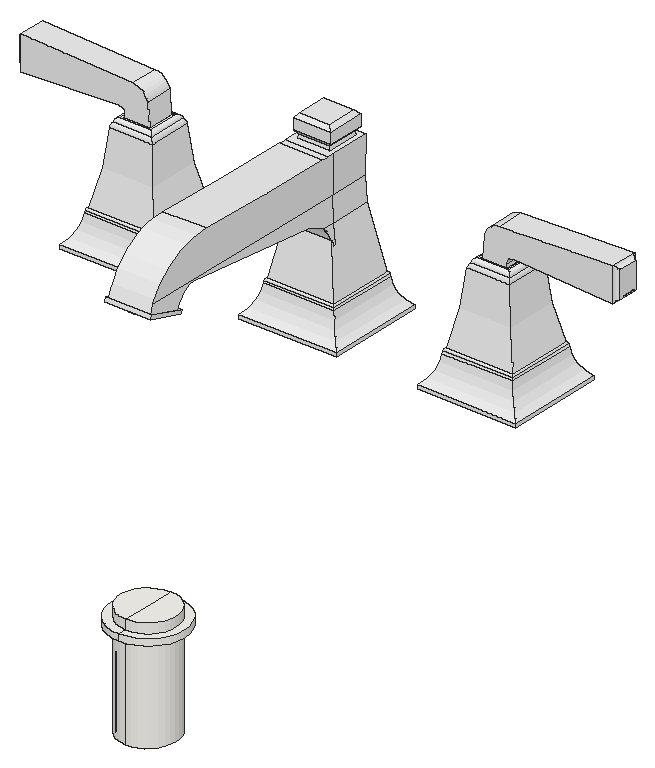
Revit family "Faucet-Two-Handle-American_Standard-Town_Square_S-7455801_Series.rfaxxxx", category Plumbing Fixtures, Revit 2019 (continued)
Automatic sketch dimensions
  plane 21 to curve 47 = 0.79065"
  plane 21 to curve 57 = 0.43119"
  curve 55 to curve 54 = 0.15914"
  curve 59 to plane 21 = 0.43119"
  curve 58 to plane 21 = 0.43119"
  curve 57 to curve 47 = 0.35945"
  curve 55 to curve 44 = 0.35945"
  plane 8 to curve 8 = 9/32"
  plane 8 to curve 44 = 0.3031"
  curve 5 to curve 32 = 0.07292"
  curve 32 to curve 18 = 0.25883"
  curve 55 to plane 1 "Center (Front/Back)" = 0.43119"
  curve 98 to plane 1 "Center (Front/Back)" = 0.43119"
  curve 95 to curve 94 = 0"  (x2)
  curve 10 to curve 22 = 0.06421"
  curve 22 to curve 4 = 0.07895"
  curve 55 to curve 54 = 0.12523"
  curve 83 to curve 49 = 0.12823"
  plane 1 "Center (Front/Back)" to curve 50 = 0.3034"
  plane 1 "Center (Front/Back)" to curve 54 = 0.30597"
  plane 1 "Center (Front/Back)" to curve 2 = 0.33759"
  curve 1 to curve 26 = 0.07895"
  curve 96 to curve 96 = 0.12779"
  curve 53 to curve 57 = 0.12523"
  curve 50 to curve 94 = 0.1278"
  curve 21 to curve 19 = 0.10691"
  curve 19 to curve 35 = 0.21613"
  curve 16 to curve 36 = 0.21613"
  curve 34 to curve 11 = 0.07292"
  plane 4 to curve 13 = 0.37954"
  curve 92 to curve 92 = 0.04633"
  curve 103 to curve 39 = 0.04633"
  curve 50 to curve 42 = 0.3031"
  curve 49 to curve 43 = 0.3031"
  curve 82 to plane 8 = 0.00033"
  curve 82 to curve 103 = 0.2571"
  plane 9 to curve 93 = 0.00032"
  curve 93 to curve 92 = 0.25711"
  curve 82 to plane 8 = 0.29683"
  curve 82 to curve 82 = 0.28717"
  curve 93 to curve 93 = 0.29649"
  plane 22 to curve 38 = 0.09306"
  curve 101 to plane 22 = 1.58285"
  curve 90 to plane 22 = 1.59636"
  curve 41 to curve 93 = 0.00068"
  curve 39 to curve 103 = 0.00109"
  curve 93 to curve 93 = 0.00811"
  curve 103 to curve 82 = 0.00857"
  curve 93 to curve 91 = 0.00238"
  curve 82 to curve 102 = 0.00151"
  curve 91 to curve 91 = 0.00015"
  curve 102 to curve 103 = 0.00015"
  curve 91 to curve 92 = 0.00068"
  curve 102 to curve 103 = 0.00068"
  curve 92 to curve 91 = 0.03909"
  curve 103 to curve 102 = 0.0391"
  curve 91 to curve 91 = 0.00513"
  curve 102 to curve 102 = 0.00512"
  curve 89 to curve 89 = 0.05061"
  curve 104 to curve 95 = 0.0506"
  curve 89 to curve 90 = 0.00148"
  curve 104 to curve 101 = 0.00148"
  curve 90 to curve 90 = 0.01086"
  curve 101 to curve 101 = 0.01086"
  curve 104 to curve 95 = 0.00115"
  curve 97 to curve 89 = 0"
  curve 96 to curve 89 = 0.0501"
  curve 95 to curve 104 = 0.05011"
  plane 14 to curve 12 = 0.0506"
  curve 88 to curve 94 = 0.05342"
  curve 83 to curve 83 = 0.0501"
  curve 97 to curve 94 = 0"  (x2)
  curve 88 to curve 87 = 0.038"
  curve 95 to curve 79 = 0.03827"
  curve 79 to curve 83 = 0.01086"
  curve 87 to curve 87 = 0.01169"
  curve 88 to curve 88 = 0.00069"
  curve 79 to curve 83 = 0.00148"
  curve 86 to curve 85 = 0.05747"
  curve 80 to curve 39 = 0.05622"
  curve 86 to curve 87 = 0.00638"
  curve 80 to curve 80 = 0.00513"
  curve 81 to curve 39 = 0.01199"
  curve 85 to curve 85 = 0.01199"
  curve 85 to curve 85 = 0.00031"
  curve 81 to curve 81 = 0.00068"
  curve 86 to curve 86 = 0.00039"
  curve 81 to curve 80 = 0.00015"
  curve 86 to curve 84 = 0.00163"
  curve 80 to curve 78 = 0.00238"
  curve 78 to curve 39 = 0.00068"
  curve 84 to curve 85 = 0.00066"
  curve 40 to curve 85 = 0.04552"
  curve 81 to curve 81 = 0.04633"
  plane 9 to curve 84 = 0.00033"
  curve 85 to curve 84 = 0.2579"
  curve 78 to plane 8 = 0.00032"
  curve 81 to curve 78 = 0.25711"
  curve 84 to curve 84 = 0.28717"
  curve 78 to curve 78 = 0.29649"
  curve 7 to curve 18 = 0.00055"
  plane 9 to curve 30 = 0.10793"
  curve 7 to curve 30 = 0.21798"
  curve 30 to curve 19 = 0.02086"
  curve 30 to curve 31 = 0.0559"
  curve 30 to curve 31 = 0.01321"
  curve 30 to curve 31 = 0.03136"
  curve 31 to curve 12 = 0.05772"
  curve 31 to curve 11 = 0.0113"
  plane 9 to curve 31 = 0.04292"
  curve 31 to curve 31 = 0.05969"
  plane 3 "Center (Left/Right)" to curve 65 = 0.30836"
  plane 3 "Center (Left/Right)" to curve 71 = 0.28954"
  curve 87 to plane 3 "Center (Left/Right)" = 0.28954"
  curve 79 to plane 3 "Center (Left/Right)" = 0.30836"
  plane 9 to curve 29 = 0.04292"
  curve 29 to curve 5 = 0.33357"
  curve 17 to curve 10 = 0.00166"
  curve 36 to curve 16 = 0.04268"
  curve 29 to curve 9 = 0.00197"
  curve 36 to curve 28 = 0.01133"
  curve 28 to curve 29 = 0.00148"
  curve 9 to curve 29 = 0.04617"
  curve 29 to curve 28 = 0.01845"
  curve 29 to curve 28 = 0.0549"
  plane 9 to curve 64 = 0.28749"
  curve 64 to curve 100 = 0.59993"
  curve 68 to plane 8 = 0.29683"
  curve 68 to curve 70 = 0.59059"
  plane 9 to curve 64 = 0.00032"
  curve 64 to curve 64 = 0.29649"
  curve 68 to plane 8 = 0.00033"
  curve 68 to curve 68 = 0.28717"
  curve 100 to curve 100 = 0.04633"
  curve 70 to curve 70 = 0.04552"
  curve 44 to curve 68 = 0.00066"
  curve 46 to curve 64 = 0.00068"
  curve 64 to curve 64 = 0.00811"
  curve 68 to curve 68 = 0.00899"
  curve 64 to curve 99 = 0.00238"
  curve 68 to curve 69 = 0.00163"
  curve 99 to curve 99 = 0.00015"
  curve 69 to curve 69 = 0.00007"
  curve 69 to curve 70 = 0.00063"
  curve 99 to curve 100 = 0.00068"
  curve 100 to curve 65 = 0.03909"
  curve 70 to curve 71 = 0.03909"
  curve 65 to curve 99 = 0.00513"
  curve 69 to curve 69 = 0.00638"
  curve 66 to curve 56 = 0.05061"
  curve 72 to curve 55 = 0.05038"
  curve 66 to curve 66 = 0.00148"
  curve 72 to curve 72 = 0.0019"
  curve 66 to curve 65 = 0.01086"
  curve 72 to curve 71 = 0.01049"
  curve 72 to curve 55 = 0.00121"
  curve 66 to curve 56 = 0.00119"
  curve 56 to curve 66 = 0.0501"
  curve 55 to curve 72 = 0.05342"
  plane 21 to curve 9 = 0.05521"
  curve 67 to curve 57 = 0.05342"
  curve 77 to curve 55 = 0.05011"
  curve 55 to curve 77 = 0.00115"
  curve 57 to curve 67 = 0.00121"
  curve 67 to curve 63 = 0.03679"
  curve 77 to curve 74 = 0.03712"
  curve 74 to curve 77 = 0.01086"
  curve 63 to curve 63 = 0.01169"
  curve 67 to curve 67 = 0.00069"
  curve 77 to curve 77 = 0.00148"
  curve 62 to curve 47 = 0.05747"
  curve 75 to curve 44 = 0.05622"
  curve 75 to curve 74 = 0.00512"
  curve 62 to curve 62 = 0.00638"
  curve 76 to curve 44 = 0.01199"
  curve 61 to curve 47 = 0.01199"
  curve 61 to curve 62 = 0.00031"
  curve 76 to curve 76 = 0.00068"
  curve 62 to curve 62 = 0.00039"
  curve 76 to curve 75 = 0.00015"
  curve 62 to curve 60 = 0.00163"
  curve 75 to curve 73 = 0.00238"
  curve 73 to curve 44 = 0.00068"
  curve 60 to curve 61 = 0.00066"
  curve 47 to curve 61 = 0.04552"
  curve 76 to curve 76 = 0.04633"
  curve 48 to curve 53 = 0.3031"
  curve 45 to curve 52 = 0.3031"
  plane 9 to curve 60 = 0.00033"
  curve 61 to curve 60 = 0.2579"
  curve 73 to plane 8 = 0.00032"
  curve 76 to curve 73 = 0.25711"
  curve 60 to curve 60 = 0.28717"
  curve 73 to curve 73 = 0.29649"
  plane 20 to curve 37 = 0.11257"
  curve 63 to plane 4 = 0.87914"
  curve 63 to plane 20 = 1.57754"
  curve 74 to plane 20 = 1.59636"
  curve 7 to curve 18 = 0.00054"
  curve 103 to curve 39 = 0.04552"
  curve 76 to curve 76 = 0.04552"
  curve 81 to curve 81 = 0.04552"
  curve 70 to curve 70 = 0.04633"
  curve 78 to plane 8 = 0.28749"
  curve 73 to plane 8 = 0.28749"
  curve 74 to plane 8 = 3.19578"
  curve 101 to plane 8 = 3.19578"
  curve 71 to curve 79 = 0.01883"
  curve 69 to curve 70 = 0.00015"
  curve 80 to curve 81 = 0.00007"
  curve 75 to curve 76 = 0.00007"
  curve 102 to curve 103 = 0.00007"
  curve 72 to curve 71 = 0.00148"
  curve 77 to curve 77 = 0.00189"
  curve 104 to curve 104 = 0.00189"
  curve 10 to curve 17 = 0.00167"
  curve 37 to plane 1 "Center (Front/Back)" = 0.30597"
  curve 38 to plane 1 "Center (Front/Back)" = 0.30296"
  curve 9 to plane 1 "Center (Front/Back)" = 0.12114"
  curve 12 to plane 1 "Center (Front/Back)" = 0.12114"
  plane 1 "Center (Front/Back)" to curve 38 = 0.3034"
  plane 1 "Center (Front/Back)" to curve 37 = 0.30597"
  curve 89 to curve 96 = 0.05342"
  curve 66 to curve 56 = 0.05342"
  curve 67 to curve 57 = 0.0501"
  curve 88 to curve 94 = 0.05011"
  curve 57 to curve 67 = 0.00119"
  curve 56 to curve 66 = 0.00121"
  curve 90 to curve 90 = 0.01049"
  curve 65 to curve 66 = 0.01049"
  curve 87 to curve 87 = 0.01141"
  curve 28 to curve 28 = 0.02058"
  curve 99 to curve 65 = 0.00638"
  curve 91 to curve 91 = 0.00638"
  curve 86 to curve 87 = 0.00513"
  curve 62 to curve 62 = 0.00513"
  curve 91 to curve 93 = 0.00163"
  curve 62 to curve 60 = 0.00238"
  curve 86 to curve 84 = 0.00238"
  curve 87 to curve 13 = 0.41754"
  curve 15 to plane 4 = 0.4616"
  plane 4 to Extrusion 3 sketch curve = 0.33911"
  plane 6 to Extrusion 3 sketch curve = 0.02043"
  Extrusion 3 sketch curve to plane 4 = 0.39109"
  plane 6 to Extrusion 3 sketch curve = 0.41513"
  Extrusion 3 sketch curve to Extrusion 3 sketch curve = 0.47718"
  Extrusion 3 sketch curve to plane 6 = 0.15804"
  Extrusion 3 sketch curve to Extrusion 3 sketch curve = 0.21506"
  plane 9 to Extrusion 3 sketch curve = 0.11629"
  plane 9 to Extrusion 3 sketch curve = 0.03478"
  Extrusion 3 sketch curve to plane 9 = 0.53115"
  plane 1 "Center (Front/Back)" to Extrusion 3 sketch curve = 0.4956"
  Extrusion 3 sketch curve to Extrusion 3 sketch curve = 0.06131"
  Extrusion 3 sketch curve to plane 1 "Center (Front/Back)" = 0.12126"
  Extrusion 3 sketch curve to Extrusion 3 sketch curve = 0.09257"
  Extrusion 3 sketch curve to plane 6 = 0.51705"
  Extrusion 3 sketch curve to Extrusion 3 sketch curve = 0.03611"
  Extrusion 3 sketch curve to plane 6 = 0.67081"
  plane 6 to Extrusion 3 sketch curve = 0.23892"
  Extrusion 3 sketch curve to plane 5 = 0.49825"
  plane 5 to Extrusion 3 sketch curve = 20.20614"
  Extrusion 3 sketch curve to Extrusion 3 sketch curve = 96.06422"
  Extrusion 3 sketch curve to Extrusion 3 sketch curve = 0"
  plane 7 to Sweep 6 sketch curve = 9/32"
  plane 23 to Sweep 6 sketch curve = 9/32"
  Sweep 6 sketch curve to plane 9 = 9/32"
  plane 8 to Sweep 6 sketch curve = 9/32"
  Sweep 6 sketch curve to Sweep 6 sketch curve = 0"  (x4)
  profile plane to Sweep 6 sketch curve = 0.53916"
  Sweep 6 sketch curve to Sweep 6 sketch curve = 0.06424"
  Sweep 6 sketch curve to Sweep 6 sketch curve = 0.01137"
  Sweep 6 sketch curve to Sweep 6 sketch curve = 0.0126"
  Sweep 6 sketch curve to Sweep 6 sketch curve = 0.06759"
  Sweep 6 sketch curve to Sweep 6 sketch curve = 0.11919"
  profile plane to Sweep 6 sketch curve = 0.09245"
  Sweep 6 sketch curve to profile plane = 0.07244"
  Sweep 6 sketch curve to profile plane = 0.28087"
  profile plane to Sweep 6 sketch curve = 0.18095"
  Sweep 6 sketch curve to Sweep 6 sketch curve = 0.81039"
  profile plane to Sweep 6 sketch curve = 2 47/256"
  Sweep 6 sketch curve to Sweep 6 sketch curve = 6 1/8"
  profile plane to Sweep 6 sketch curve = 2.21268"
  Sweep 6 sketch curve to Sweep 6 sketch curve = 21.4149"
  profile plane to Sweep 6 sketch curve = 0.15684"
  profile plane to Sweep 6 sketch curve = 0.15485"
  Sweep 6 sketch curve to profile plane = 0.49889"
  Sweep 6 sketch curve to profile plane = 0.57818"
  Sweep 6 sketch curve to Sweep 6 sketch curve = 0.81247"
  Sweep 6 sketch curve to Sweep 6 sketch curve = 0.07148"
  Sweep 6 sketch curve to Sweep 6 sketch curve = 0.08335"
  Sweep 6 sketch curve to Sweep 6 sketch curve = 0.24606"
  Sweep 6 sketch curve to Sweep 6 sketch curve = 0.09737"
  profile plane to Sweep 6 sketch curve = 0.32041"
  Sweep 6 sketch curve to Sweep 6 sketch curve = 5/256"
  plane 10 to Sweep 7 sketch curve = 0"
  Sweep 7 sketch curve to plane 12 = 0"
  Sweep 7 sketch curve to plane 13 = 0"
  plane 11 to Sweep 7 sketch curve = 0"
  profile plane to Sweep 7 sketch curve = 0.50653"
  Sweep 7 sketch curve to Sweep 7 sketch curve = 0.01739"
  Sweep 7 sketch curve to Sweep 7 sketch curve = 0.04423"
  profile plane to Sweep 7 sketch curve = 0.09289"
  Sweep 7 sketch curve to profile plane = 0.07199"
  Sweep 7 sketch curve to profile plane = 9/32"
  profile plane to Sweep 7 sketch curve = 0.18095"
  Sweep 7 sketch curve to Sweep 7 sketch curve = 0.81122"
  Sweep 7 sketch curve to Sweep 7 sketch curve = 6.12461"
  profile plane to Sweep 7 sketch curve = 0.15845"
  profile plane to Sweep 7 sketch curve = 0.15647"
  Sweep 7 sketch curve to profile plane = 0.49889"
  Sweep 7 sketch curve to profile plane = 0.57818"
  Sweep 7 sketch curve to Sweep 7 sketch curve = 1.6263"
  Sweep 7 sketch curve to Sweep 7 sketch curve = 0.11495"
  Sweep 7 sketch curve to Sweep 7 sketch curve = 0.081"
  profile plane to Sweep 7 sketch curve = 2 47/256"
  Sweep 7 sketch curve to Sweep 7 sketch curve = 0"  (x2)
  Sweep 7 sketch curve to Sweep 7 sketch curve = 5/256"
  Extrusion 12 sketch curve to Extrusion 12 sketch curve = 0"  (x4)
  Extrusion 12 sketch curve to plane 7 = 0"
  plane 23 to Extrusion 12 sketch curve = 0"
  plane 7 to Extrusion 12 sketch curve = 0.35416"
  Extrusion 12 sketch curve to plane 5 = 0.39219"
  plane 5 to Extrusion 12 sketch curve = 0.04892"
  plane 3 "Center (Left/Right)" to Extrusion 12 sketch curve = 0.48381"
  plane 23 to Extrusion 12 sketch curve = 0.35416"
  plane 5 to Extrusion 12 sketch curve = 0.22823"
  Extrusion 12 sketch curve to plane 6 = 0.11538"  (x2)
  plane 9 to Masking region 1 sketch curve = 0"
  plane 8 to Masking region 1 sketch curve = 0"
  Masking region 1 sketch curve to plane 20 = 0"
  plane 20 to Masking region 1 sketch curve = 0.00725"  (x2)
  Masking region 1 sketch curve to Masking region 1 sketch curve = 0.10403"
  Masking region 1 sketch curve to Masking region 1 sketch curve = 0.1041"
  Masking region 1 sketch curve to plane 21 = 1 3/32"
  Masking region 1 sketch curve to Masking region 1 sketch curve = 0"
  plane 21 to Masking region 1 sketch curve = 1 3/32"
  Masking region 1 sketch curve to plane 1 "Center (Front/Back)" = 0.30597"
  Masking region 1 sketch curve to Masking region 1 sketch curve = 0.01641"
  plane 1 "Center (Front/Back)" to Masking region 1 sketch curve = 0.18493"
  Masking region 1 sketch curve to Masking region 1 sketch curve = 0.10507"
  plane 9 to Masking region 2 sketch curve = 0"
  plane 8 to Masking region 2 sketch curve = 0"
  Masking region 2 sketch curve to plane 22 = 0.00013"
  plane 22 to Masking region 2 sketch curve = 0.0933"  (x2)
  Masking region 2 sketch curve to plane 14 = 1 3/32"
  Masking region 2 sketch curve to Masking region 2 sketch curve = 0"
  plane 14 to Masking region 2 sketch curve = 1 3/32"
  Extrusion 14 sketch curve to Sweep 7 = 0"  (x4)
  Sweep 7 to Extrusion 14 sketch curve = 0"  (x2)
  Sweep 7 to Extrusion 14 sketch curve = 0.03262"  (x2)
  Sweep 7 to Extrusion 14 sketch curve = 2.63291"
  Extrusion 14 sketch curve to Extrusion 14 sketch curve = 0.54668"
  Extrusion 14 sketch curve to Extrusion 14 sketch curve = 3.42069"
  Extrusion 14 sketch curve to Extrusion 14 sketch curve = 0.61193"
  curve 79 to curve 5 = 3.47704"
  Revolve 15 sketch curve to Revolve 15 sketch curve = 1/16"
  Revolve 15 sketch curve to Revolve 15 sketch curve = 1 1/4"
  Revolve 15 sketch curve to Revolve 15 sketch curve = 3/4"
  plane 8 to Masking region 4 sketch curve = 0"
  Masking region 4 sketch curve to plane 23 = 0"
  plane 9 to Masking region 4 sketch curve = 0"  (x2)
  Masking region 4 sketch curve to plane 7 = 0"
  plane 3 "Center (Left/Right)" to Masking region 4 sketch curve = 0.52166"
  Masking region 4 sketch curve to Masking region 4 sketch curve = 0.0408"
  Masking region 4 sketch curve to plane 3 "Center (Left/Right)" = 0.48086"
  Masking region 4 sketch curve to plane 3 "Center (Left/Right)" = 0.51451"
  Masking region 4 sketch curve to plane 4 = 0.4616"  (x2)
  plane 4 to Masking region 4 sketch curve = 0.40469"
  radius of Extrusion 1 sketch curve = 3/16"  (x2)
Connectors (in)
  piping at (-4, 0.0000966, 0), diameter 0.375, driven by "Hot Water Connection Diameter", driven by "HWFU"
    settings: on cut or joined group 1 (Extrusion 1, Extrusion 3, Sweep 6, Sweep 7, Sweep 8, Extrusion 9, Sweep 11, Extrusion 12, Extrusion 13, Extrusion 14), index 1, connector inside diameter 24", connector length 0", flow factor 0, pipe flow 0 GPM, pressure drop 0.00 psi, fitting loss kfactor 0, connector angle 0.00°, fixture units 1.5, engagement length 0", angle of deflection 0.00°, flow configuration 3, flow direction 1, fitting loss method 0, system type 19, joint type 0, gender type 0, connector reference index -1, connector utility 0, adjustable connector no, is connector primary yes, connector description "3/8\" Hot Water Supply Inlet"
  piping at (4, 0.0000966, 0), diameter 0.375, driven by "Cold Water Connection Diameter", driven by "CWFU"
    settings: on cut or joined group 1, index 2, connector inside diameter 24", connector length 0", flow factor 0, pipe flow 0 GPM, pressure drop 0.00 psi, fitting loss kfactor 0, connector angle 0.00°, fixture units 1.5, engagement length 0", angle of deflection 0.00°, flow configuration 3, flow direction 1, fitting loss method 0, system type 20, joint type 0, gender type 0, connector reference index -1, connector utility 0, adjustable connector no, is connector primary no, connector description "3/8\" Cold Water Supply Inlet"
Types (5): name | Model | Material | Finish
  (no name) | "7455.801.002" | "Cast Brass-American Standard-002-Polished Chrome" | Cast Brass-American Standard-002-Polished Chrome
  7455.801.002 | "7455.801.002" | "Cast Brass-American Standard-002-Polished Chrome" | Cast Brass-American Standard-002-Polished Chrome
  7455.801.013 | "7455.801.013" | "Cast Brass-American Standard-013-Polished Nickel PVD" | Cast Brass-American Standard-013-Polished Nickel PVD
  7455.801.295 | "7455.801.295" | "Cast Brass-American Standard-295-Brushed Nickel" | Cast Brass-American Standard-295-Brushed Nickel
  7455.801.278 | "7455.801.278" | "Cast Brass-American Standard-278-Legacy Bronze" | Cast Brass-American Standard-278-Legacy Bronze
